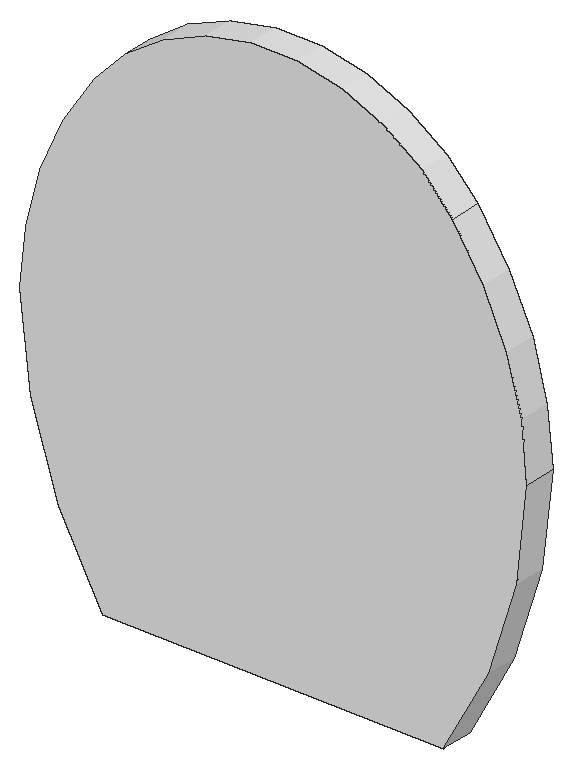
Revit family "Deca_Bacia Sanitária Convencional Izy_P.11GGGGG", category Plumbing Fixtures, host Face, Revit 2010
Parameters (values of type "AP.01_Branco Gelo GE17")
  Vendido Separadamente = ""
  Variações de COR = "Branco (AP.01.17), Caramelo (AP.01.23), Creme (AP.01.37), Azul (AP.01.51), Verde (AP.01.60), Cinza (AP.01.87), Ébano (AP.01.95), Rosa (AP.01.89)"
  URL = "www.deca.com.br/produtos"
  Segmento = "Competitivo"
  Produto = "Assento Universal Plástico com Microban"
  Peso Liquido (Kg) = 0.89
  Norma = "Não se Aplica"
  Criado por = "Contino/quattroD"  # constant formula
  Assento Não = no
  Model = "AP.01.17"
  Material = "Deca_Polipropileno"
  Manufacturer = "Deca"
  Louça/Metais = "Louça"
  Linha = "Izy, Targa, Ravena, Studio"
  Informações Complementares = ""
  Description = "Assento Universal Plástico com Microban"
  Código = "AP.01.17"
  Atendimento ao Cliente = "0800-0117073"
  Assento 3D = yes
  Assento = Deca GE17 Branco Gelo Plástico
  Assembly Code = "D2010100"
  Aprovado por = "Contino/quattroD"  # constant formula
  Acompanha o Produto = ""
  AP 165 = no
  AP 01 = yes
Types (10, lengths in mm): name | Variações de COR | URL | Segmento | Produto | Peso Liquido (Kg) | Norma | Assento Não | Model | Material | Manufacturer | Louça/Metais | Linha | Description | Código | Atendimento ao Cliente | Assento 3D | Assento | Assembly Code | AP 165 | AP 01
  Assento Não | "" | 0 | "" | "" | 0 | "" | yes | "" | "" | 0 | "" | "" | "" | "" | "" | no | none | "" | no | no
  AP.01_Creme CR37 | "Branco (AP.01.17), Caramelo (AP.01.23), Creme (AP.01.37), Azul (AP.01.51), Verde (AP.01.60), Cinza (AP.01.87), Ébano (AP.01.95), Rosa (AP.01.89)" | "www.deca.com.br/produtos" | "Competitivo" | "Assento Universal Plástico com Microban" | 0.89 | "Não se Aplica" | no | "AP.01.37" | "Deca_Polipropileno" | "Deca" | "Louça" | "Izy, Targa, Ravena, Studio" | "Assento Universal Plástico com Microban" | "AP.01.37" | "0800-0117073" | yes | Deca CR37 Creme Plástico | "D2010100" | no | yes
  AP.01_Branco Gelo GE17 | "Branco (AP.01.17), Caramelo (AP.01.23), Creme (AP.01.37), Azul (AP.01.51), Verde (AP.01.60), Cinza (AP.01.87), Ébano (AP.01.95), Rosa (AP.01.89)" | "www.deca.com.br/produtos" | "Competitivo" | "Assento Universal Plástico com Microban" | 0.89 | "Não se Aplica" | no | "AP.01.17" | "Deca_Polipropileno" | "Deca" | "Louça" | "Izy, Targa, Ravena, Studio" | "Assento Universal Plástico com Microban" | "AP.01.17" | "0800-0117073" | yes | Deca GE17 Branco Gelo Plástico | "D2010100" | no | yes
  AP.01_Cinza Real CZ87 | "Branco (AP.01.17), Caramelo (AP.01.23), Creme (AP.01.37), Azul (AP.01.51), Verde (AP.01.60), Cinza (AP.01.87), Ébano (AP.01.95), Rosa (AP.01.89)" | "www.deca.com.br/produtos" | "Competitivo" | "Assento Universal Plástico com Microban" | 0.89 | "Não se Aplica" | no | "AP.01.87" | "Deca_Polipropileno" | "Deca" | "Louça" | "Izy, Targa, Ravena, Studio" | "Assento Universal Plástico com Microban" | "AP.01.87" | "0800-0117073" | yes | Deca CZ87 Cinza Real Plástico | "D2010100" | no | yes
  AP.01_Caramelo CA23 | "Branco (AP.01.17), Caramelo (AP.01.23), Creme (AP.01.37), Azul (AP.01.51), Verde (AP.01.60), Cinza (AP.01.87), Ébano (AP.01.95), Rosa (AP.01.89)" | "www.deca.com.br/produtos" | "Competitivo" | "Assento Universal Plástico com Microban" | 0.89 | "Não se Aplica" | no | "AP.01.23" | "Deca_Polipropileno" | "Deca" | "Louça" | "Izy, Targa, Ravena, Studio" | "Assento Universal Plástico com Microban" | "AP.01.23" | "0800-0117073" | yes | Deca CA23 Caramelo Plástico | "D2010100" | no | yes
  AP.01_Verde Malva VD60 | "Branco (AP.01.17), Caramelo (AP.01.23), Creme (AP.01.37), Azul (AP.01.51), Verde (AP.01.60), Cinza (AP.01.87), Ébano (AP.01.95), Rosa (AP.01.89)" | "www.deca.com.br/produtos" | "Competitivo" | "Assento Universal Plástico com Microban" | 0.89 | "Não se Aplica" | no | "AP.01.60" | "Deca_Polipropileno" | "Deca" | "Louça" | "Izy, Targa, Ravena, Studio" | "Assento Universal Plástico com Microban" | "AP.01.60" | "0800-0117073" | yes | Deca VD60 Verde Malva Plástico | "D2010100" | no | yes
  AP.01_Azul AZ51 | "Branco (AP.01.17), Caramelo (AP.01.23), Creme (AP.01.37), Azul (AP.01.51), Verde (AP.01.60), Cinza (AP.01.87), Ébano (AP.01.95), Rosa (AP.01.89)" | "www.deca.com.br/produtos" | "Competitivo" | "Assento Universal Plástico com Microban" | 0.89 | "Não se Aplica" | no | "AP.01.51" | "Deca_Polipropileno" | "Deca" | "Louça" | "Izy, Targa, Ravena, Studio" | "Assento Universal Plástico com Microban" | "AP.01.51" | "0800-0117073" | yes | Deca AZ51 Azul Plástico | "D2010100" | no | yes
  AP.01_Ébano EB95 | "Branco (AP.01.17), Caramelo (AP.01.23), Creme (AP.01.37), Azul (AP.01.51), Verde (AP.01.60), Cinza (AP.01.87), Ébano (AP.01.95), Rosa (AP.01.89)" | "www.deca.com.br/produtos" | "Competitivo" | "Assento Universal Plástico com Microban" | 0.89 | "Não se Aplica" | no | "AP.01.95" | "Deca_Polipropileno" | "Deca" | "Louça" | "Izy, Targa, Ravena, Studio" | "Assento Universal Plástico com Microban" | "AP.01.95" | "0800-0117073" | yes | Deca EB95 Ébano Plástico | "D2010100" | no | yes
  AP.01_Rosa RO89 | "Branco (AP.01.17), Caramelo (AP.01.23), Creme (AP.01.37), Azul (AP.01.51), Verde (AP.01.60), Cinza (AP.01.87), Ébano (AP.01.95), Rosa (AP.01.89)" | "www.deca.com.br/produtos" | "Competitivo" | "Assento Universal Plástico com Microban" | 0.89 | "Não se Aplica" | no | "AP.01.89" | "Deca_Polipropileno" | "Deca" | "Louça" | "Izy, Targa, Ravena, Studio" | "Assento Universal Plástico com Microban" | "AP.01.89" | "0800-0117073" | yes | Deca RO89 Rosa Plástico | "D2010100" | no | yes
  AP.165_Branco Gelo GE17 | " Assento Plástico Slow Close: Branco (AP.165.17)." | "www.deca.com.br/produtos" | "Competitivo" | "Assento Universal Plástico Slow Close" | 1.8 | "Não se Aplica" | no | "AP.165.17" | "Deca_Polipropileno" | "Deca" | "Louça" | "Izy, Targa, Ravena, Studio" | "Assento Universal Plástico Slow Close" | "AP.165.17" | "0800-0117073" | yes | Deca GE17 Branco Gelo Plástico | "D2010100" | yes | no
Reference planes
  plane 1 "Center (Front/Back)": y = 0
  plane 2: z = 0
  plane 3 "Center (Left/Right)": x = 0
  plane 4: x = 1.172
Forms (mm)
  Extrusion 1, solid, material "Deca GE17 Branco Gelo Plástico" <- "Assento", visible <- "Assento 3D"
    sketch origin (0, 0, 0) x (1, 0, 0) y (0, 0, 1)
      loop
        arc (-129.624, 367.423) -> (-168.874, 294.703) -> (-183.344, 213.343) r 260.204
        arc (-183.344, 213.343) -> (-167.135, 113.734) -> (-123.435, 22.768) r 353.415
        line (-123.435, 22.768) -> (123.436, 22.768)
        arc (123.436, 22.768) -> (167.234, 114.034) -> (183.36, 213.972) r 353.393
        arc (183.36, 213.972) -> (168.798, 295) -> (129.652, 367.423) r 260.204
        arc (129.652, 367.423) -> (0.014, 431.361) -> (-129.624, 367.423) r 163.393
    from -5.841 to -28.806
Lines and regions (mm)
  Masking region 1, visible <- "AP 165"
    outline origin (-58.196, -74.545, 0) x (1, 0, 0) y (0, 1, 0)
      loop
        line (-123.515, 95.337) -> (-125.352, 83.047)
        arc (-125.352, 83.047) -> (-125.117, 81.232) -> (-123.494, 80.386) r 1.979
        line (-123.494, 80.386) -> (239.893, 80.386)
        arc (239.893, 80.386) -> (241.413, 81.083) -> (241.877, 82.688) r 2.006
        line (241.877, 82.688) -> (239.986, 95.337)
        arc (239.986, 95.337) -> (237.808, 99.132) -> (233.634, 100.443) r 6.008
        line (233.634, 100.443) -> (-117.163, 100.443)
        arc (-117.163, 100.443) -> (-121.337, 99.132) -> (-123.515, 95.337) r 6.008
      loop
        arc (-121.312, 105.272) -> (-120.987, 104.489) -> (-120.204, 104.164) r 1.107
        line (-120.204, 104.164) -> (-71.178, 103.322) -> (-2.769, 102.982)
        arc (-2.769, 102.982) -> (-0.226, 103.467) -> (1.718, 105.176) r 4.916
        arc (1.718, 105.176) -> (3.226, 106.523) -> (5.202, 106.951) r 3.961
        line (5.202, 106.951) -> (111.894, 106.951)
        arc (111.894, 106.951) -> (113.87, 106.523) -> (115.378, 105.176) r 3.961
        arc (115.378, 105.176) -> (117.173, 103.543) -> (119.531, 102.967) r 4.916
        line (119.531, 102.967) -> (188.273, 103.322) -> (237.3, 104.164)
        arc (237.3, 104.164) -> (238.083, 104.489) -> (238.407, 105.272) r 1.107
        line (238.407, 105.272) -> (237.374, 116.988)
        arc (237.374, 116.988) -> (236.647, 119.288) -> (235.018, 121.068) r 5.583
        arc (235.018, 121.068) -> (223.257, 126.622) -> (211.164, 131.41) r 202.226
        arc (211.164, 131.41) -> (209.211, 131.965) -> (207.201, 132.252) r 15.017
        arc (207.201, 132.252) -> (194.652, 133.513) -> (182.059, 134.19) r 271.11
        arc (182.059, 134.19) -> (120.318, 136.285) -> (58.548, 137.149) r 3097.383
        arc (58.548, 137.149) -> (-3.223, 136.285) -> (-64.963, 134.19) r 3097.383
        arc (-64.963, 134.19) -> (-77.557, 133.513) -> (-90.105, 132.252) r 271.11
        arc (-90.105, 132.252) -> (-92.115, 131.965) -> (-94.068, 131.41) r 15.017
        arc (-94.068, 131.41) -> (-106.162, 126.622) -> (-117.922, 121.068) r 202.226
        arc (-117.922, 121.068) -> (-119.552, 119.288) -> (-120.278, 116.988) r 5.583
        line (-120.278, 116.988) -> (-121.312, 105.272)
  Masking region 2, visible <- "AP 165"
    outline origin (0, -113.984, 13.75) x (0, 1, 0) y (0, 0, 1)
      loop
        arc (147.746, 414.49) -> (146.985, 414.227) -> (146.663, 413.489) r 1
        line (146.663, 413.489) -> (146.704, 404.258)
        arc (146.704, 404.258) -> (145.951, 403.956) -> (145.157, 403.785) r 4.866
        arc (145.157, 403.785) -> (144.458, 403.608) -> (143.798, 403.317) r 4.284
        arc (143.798, 403.317) -> (143.046, 402.62) -> (142.716, 401.649) r 2.093
        line (142.716, 401.649) -> (144.226, 44.869)
        arc (144.226, 44.869) -> (142.587, 40.93) -> (139.148, 38.404) r 7.956
        arc (139.148, 38.404) -> (136.809, 37.502) -> (134.366, 36.942) r 17.569
        arc (134.366, 36.942) -> (138.098, 38.961) -> (139.715, 42.883) r 6.327
        line (139.715, 42.883) -> (139.715, 410.116)
        arc (139.715, 410.116) -> (138.563, 414.134) -> (135.065, 416.425) r 6
        line (135.065, 416.425) -> (122.46, 418.346)
        arc (122.46, 418.346) -> (120.857, 417.887) -> (120.159, 416.372) r 2
        line (120.159, 416.372) -> (119.542, 38.945)
        arc (119.542, 38.945) -> (120.12, 37.551) -> (121.507, 36.957) r 2
        line (121.507, 36.957) -> (113.984, 37.09) -> (113.984, -34.616) -> (124.426, -34.086) -> (124.491, 5.805) -> (141.252, 6.656)
        arc (141.252, 6.656) -> (145.254, 7.433) -> (148.882, 9.294) r 14.5
        arc (148.882, 9.294) -> (153.855, 10.205) -> (158.296, 12.624) r 16
        line (158.296, 12.624) -> (174.856, 15.864)
        arc (174.856, 15.864) -> (175.816, 52.458) -> (176.33, 89.061) r 3000
        arc (176.33, 89.061) -> (175.764, 175.802) -> (172.69, 262.49) r 3000
        arc (172.69, 262.49) -> (168.49, 330.9) -> (162.728, 399.197) r 3000.612
        line (162.728, 399.197) -> (155.952, 411.561)
        arc (155.952, 411.561) -> (154.292, 413.349) -> (151.983, 414.139) r 5
        line (151.983, 414.139) -> (147.746, 414.49)
  Masking region 3, visible <- "AP 165"
    outline origin (402.787, 0, -24.75) x (1, 0, 0) y (0, 0, 1)
      loop
        line (-500.301, 48.085) -> (-500.301, 51.961) -> (-501.268, 51.738) -> (-501.268, 47.518) -> (-522.259, 47.518)
        arc (-522.259, 47.518) -> (-533.223, 62.636) -> (-541.424, 79.413) r 108.237
        arc (-541.424, 79.413) -> (-546.613, 83.961) -> (-550.484, 89.673) r 27.068
        arc (-550.484, 89.673) -> (-576.416, 161.936) -> (-586.13, 238.093) r 353.415
        arc (-586.13, 238.093) -> (-571.661, 319.453) -> (-532.411, 392.173) r 260.204
        arc (-532.411, 392.173) -> (-402.773, 456.111) -> (-273.135, 392.173) r 163.393
        arc (-273.135, 392.173) -> (-233.988, 319.75) -> (-219.426, 238.722) r 260.204
        arc (-219.426, 238.722) -> (-229.031, 162.445) -> (-254.903, 90.049) r 353.393
        arc (-254.903, 90.049) -> (-258.822, 84.119) -> (-264.149, 79.413) r 27.068
        arc (-264.149, 79.413) -> (-272.351, 62.636) -> (-283.314, 47.518) r 108.237
        line (-283.314, 47.518) -> (-304.305, 47.518) -> (-304.305, 51.738) -> (-305.273, 51.961) -> (-305.273, 48.085)
      loop
        arc (-305.301, 48.236) -> (-305.886, 46.822) -> (-307.301, 46.236) r 2
        line (-307.301, 46.236) -> (-309.501, 46.236) -> (-309.501, 13.118)
        arc (-309.501, 13.118) -> (-312.212, 6.276) -> (-318.874, 3.148) r 9.99
        line (-318.874, 3.148) -> (-341.662, 3.148)
        arc (-341.662, 3.148) -> (-348.324, 6.276) -> (-351.035, 13.118) r 9.99
        line (-351.035, 13.118) -> (-351.035, 35.037)
        arc (-351.035, 35.037) -> (-353.374, 40.684) -> (-359.022, 43.023) r 7.987
        line (-359.022, 43.023) -> (-446.551, 43.023)
        arc (-446.551, 43.023) -> (-452.199, 40.684) -> (-454.538, 35.037) r 7.987
        line (-454.538, 35.037) -> (-454.538, 13.118)
        arc (-454.538, 13.118) -> (-457.249, 6.276) -> (-463.911, 3.148) r 9.99
        line (-463.911, 3.148) -> (-486.7, 3.148)
        arc (-486.7, 3.148) -> (-493.362, 6.276) -> (-496.073, 13.118) r 9.99
        line (-496.073, 13.118) -> (-496.073, 46.236) -> (-498.273, 46.236)
        arc (-498.273, 46.236) -> (-499.687, 46.822) -> (-500.273, 48.236) r 2
  Masking region 4, visible <- "AP 01"
    outline origin (-465.04, 0, 571.937) x (1, 0, 0) y (0, 0, -1)
      loop
        line (355.453, 590.445) -> (300.001, 467.44)
        arc (300.001, 467.44) -> (277.576, 395.776) -> (279.552, 320.711) r 228.878
        arc (279.552, 320.711) -> (308.53, 243.134) -> (361.262, 179.28) r 250
        arc (361.262, 179.28) -> (465.001, 140.579) -> (568.74, 179.28) r 158.391
        arc (568.74, 179.28) -> (621.471, 243.134) -> (650.45, 320.711) r 250
        arc (650.45, 320.711) -> (653.572, 342.348) -> (654.616, 364.184) r 228.878
        arc (654.616, 364.184) -> (648.377, 417.259) -> (630.001, 467.44) r 228.878
        line (630.001, 467.44) -> (574.548, 590.445) -> (355.453, 590.445)
  Masking region 5, visible <- "AP 01"
    outline origin (0, 178.013, -343.488) x (0, 1, 0) y (0, 0, 1)
      loop
        line (-147.172, 324.059) -> (-147.172, 753.979)
        arc (-147.172, 753.979) -> (-153.03, 768.121) -> (-167.172, 773.979) r 20
        line (-167.172, 773.979) -> (-172.172, 773.979) -> (-172.172, 324.059) -> (-147.172, 324.059)
  Masking region 6, visible <- "AP 01"
    outline origin (-215.314, -101.364, 0) x (1, 0, 0) y (0, 1, 0)
      loop
        arc (46.004, 132.25) -> (31.862, 126.392) -> (26.004, 112.25) r 20
        line (26.004, 112.25) -> (26.004, 107.205) -> (404.799, 107.205)
        arc (404.799, 107.205) -> (401.072, 124.506) -> (385.158, 132.25) r 20.224
        line (385.158, 132.25) -> (46.004, 132.25)
  symbolic lines, built-in parameter 1006206 <- "AP 165", visible <- "AP 165"
    curve 1: arc (0, 34.897, 23.044) -> (0, 15.066, 30.611) -> (0, 21.296, 50.901) r 15.535
    curve 2: line (0, 10.536, 19.555) -> (0, 10.536, 49.574)
    curve 3: arc (0, 10.536, 49.574) -> (0, 10.246, 50.332) -> (0, 9.525, 50.705) r 1.138
    curve 4: line (0, 20.382, 50.692) -> (0, 7.522, 50.707)
    curve 5: line (0, 13.519, 36.494) -> (0, 13.519, 50.7)
    curve 22: arc (-138.637, 0, 54.663) -> (-167.913, 0, 128.898) -> (-179.677, 0, 207.825) r 351.236
    curve 23: arc (-179.677, 0, 207.825) -> (-170.734, 0, 280.419) -> (-139.85, 0, 346.72) r 234.366
    curve 24: arc (-139.85, 0, 346.72) -> (-107.736, 0, 386.158) -> (-65.158, 0, 413.973) r 165.38
    curve 25: arc (-65.158, 0, 413.973) -> (0.014, 0, 428.01) -> (65.185, 0, 413.973) r 158.309
    curve 26: arc (64.867, 0, 414.116) -> (107.636, 0, 386.277) -> (139.877, 0, 346.72) r 165.332
    curve 27: arc (179.704, 0, 207.825) -> (170.762, 0, 280.419) -> (139.877, 0, 346.72) r 234.366
    curve 28: arc (179.704, 0, 207.825) -> (167.941, 0, 128.898) -> (138.665, 0, 54.663) r 351.236
  symbolic lines, visible <- "AP 165", built-in parameter 1006206 <- "AP 165"
    curve 6: line (-97.514, 0, 27.211) -> (-95.881, 0, 27.354)
    curve 7: line (-95.881, 0, 27.354) -> (95.817, 0, 27.354)
    curve 8: line (95.817, 0, 27.354) -> (97.514, 0, 27.211)
    curve 9: line (85.514, 0, 27.354) -> (85.514, 0, 23.496)
    curve 10: line (85.514, 0, 23.496) -> (85.514, 0, 22.625)
    curve 11: arc (86.514, 0, 21.486) -> (85.807, 0, 21.779) -> (85.514, 0, 22.486) r 1
    curve 12: line (93.286, 0, 21.486) -> (86.514, 0, 21.486)
    curve 13: line (91.813, 0, 17.864) -> (91.815, 0, 21.486)
    curve 14: line (92.813, 0, 21.486) -> (92.813, 0, 17.864)
    curve 15: line (92.813, 0, 17.864) -> (91.813, 0, 17.864)
    curve 16: line (-86.486, 0, 21.486) -> (-95.486, 0, 21.486)
    curve 17: line (-92.785, 0, 17.864) -> (-92.785, 0, 21.486)
    curve 18: line (-91.787, 0, 21.486) -> (-91.785, 0, 17.864)
    curve 19: line (-91.785, 0, 17.864) -> (-92.785, 0, 17.864)
    curve 20: arc (-85.486, 0, 22.486) -> (-85.779, 0, 21.779) -> (-86.486, 0, 21.486) r 1
    curve 21: line (-85.486, 0, 27.354) -> (-85.486, 0, 22.486)
  symbolic lines, visible <- "Assento Não"
    curve 29: arc (0, 0, 40.625) -> (79.369, 0, 65.891) -> (129.614, 0, 132.323) r 137.579
    curve 30: arc (140.304, 0, 174.612) -> (140.665, 0, 229.963) -> (126.567, 0, 283.491) r 210.249
    curve 31: arc (126.567, 0, 283.491) -> (100.73, 0, 328.961) -> (64.284, 0, 366.468) r 206.174
    curve 32: arc (64.284, 0, 366.468) -> (34.047, 0, 383.066) -> (0, 0, 388.592) r 101.614
    curve 33: arc (0, 0, 379.521) -> (35.966, 0, 371.765) -> (66.53, 0, 351.281) r 97.914
    curve 34: arc (66.53, 0, 351.281) -> (93.912, 0, 319.289) -> (113.317, 0, 281.917) r 184.306
    curve 35: arc (113.317, 0, 281.917) -> (124.298, 0, 236.847) -> (123.748, 0, 190.462) r 185.397
    curve 36: arc (0, 0, 66.314) -> (36.053, 0, 72.096) -> (68.62, 0, 88.61) r 118.155
    curve 37: arc (68.62, 0, 88.61) -> (96.343, 0, 116.226) -> (114.04, 0, 151.126) r 123.558
    curve 38: arc (123.748, 0, 190.462) -> (119.924, 0, 170.54) -> (114.04, 0, 151.126) r 193.948
    curve 39: arc (129.614, 0, 132.323) -> (136.113, 0, 153.176) -> (140.304, 0, 174.612) r 200.361
    curve 40: arc (0, 0, 40.625) -> (-79.369, 0, 65.891) -> (-129.614, 0, 132.323) r 137.579
    curve 41: arc (-140.304, 0, 174.612) -> (-140.665, 0, 229.963) -> (-126.567, 0, 283.491) r 210.249
    curve 42: arc (-126.567, 0, 283.491) -> (-100.73, 0, 328.961) -> (-64.284, 0, 366.468) r 206.174
    curve 43: arc (-64.284, 0, 366.468) -> (-34.047, 0, 383.066) -> (0, 0, 388.592) r 101.614
    curve 44: arc (0, 0, 379.521) -> (-35.966, 0, 371.765) -> (-66.53, 0, 351.281) r 97.914
    curve 45: arc (-66.53, 0, 351.281) -> (-93.912, 0, 319.289) -> (-113.317, 0, 281.917) r 184.306
    curve 46: arc (-113.317, 0, 281.917) -> (-124.298, 0, 236.847) -> (-123.748, 0, 190.462) r 185.397
    curve 47: arc (0, 0, 66.314) -> (-36.053, 0, 72.096) -> (-68.62, 0, 88.61) r 118.155
    curve 48: arc (-68.62, 0, 88.61) -> (-96.343, 0, 116.226) -> (-114.04, 0, 151.126) r 123.558
    curve 49: arc (-123.748, 0, 190.462) -> (-119.924, 0, 170.54) -> (-114.04, 0, 151.126) r 193.948
    curve 50: arc (-129.614, 0, 132.323) -> (-136.113, 0, 153.176) -> (-140.304, 0, 174.612) r 200.361
    curve 51: arc (-40.907, 0, 251.728) -> (0.251, 0, 276.384) -> (41.133, 0, 251.272) r 46.252
    curve 52: arc (-31.32, 0, 179.66) -> (0.008, 0, 176.32) -> (31.336, 0, 179.666) r 148.486
    curve 53: arc (31.336, 0, 179.666) -> (43.397, 0, 188.597) -> (49.145, 0, 202.46) r 28.112
    curve 54: arc (49.145, 0, 202.46) -> (49.825, 0, 209.96) -> (49.145, 0, 217.46) r 41.666
    curve 55: line (49.145, 0, 217.46) -> (47.033, 0, 234.654)
    curve 56: arc (41.44, 0, 250.674) -> (45.135, 0, 242.798) -> (47.075, 0, 234.317) r 40.778
    curve 57: arc (-31.32, 0, 179.66) -> (-43.392, 0, 188.59) -> (-49.145, 0, 202.46) r 28.112
    curve 58: arc (-49.145, 0, 202.46) -> (-49.825, 0, 209.96) -> (-49.145, 0, 217.46) r 41.666
    curve 59: line (-49.145, 0, 217.46) -> (-47.033, 0, 234.654)
    curve 60: arc (-41.44, 0, 250.674) -> (-45.135, 0, 242.798) -> (-47.075, 0, 234.317) r 40.778
    curve 61: circle (72.987, 0, 0) r 7.5 normal (0, -1, 0)
    curve 62: circle (-72.987, 0, 0) r 7.5 normal (0, 1, 0)
Types in the file's own list only (4): name | WFU | Vendido Separadamente | Variações de COR | Raio Água Fria | Raio Ponto de Esgoto | Produto | Pressão | Peso Liquido (Kg) | Norma | Model | Material | Linha | Flow Pressure | Diâmetro Água Fria | Diâmetro Ponto de Esgoto | Description | Default Elevation | Código | Consumo | CWFU | Bacia | Atendimento ao Cliente | Assembly Code
  P.11_Branco Gelo GE17 | 0 | "Anel de vedação: (AV.90.01 ); Tubo de ligação com anel expansor: Cromado (1968.C), Branco (1968.E.BR), Dourado (1968.D).    Parafuso de fixação: Cromado (SP.13.01) e Dourado (SP.130.03) .  Assentos Compatíveis:  Assento" | "Branco (P.11.17); Caramelo (P.11.23); Creme (P.11.37); Cinza (P.11.87)." | 20 mm | 50 mm | "Bacia sanitária convencional Izy" | "2 a 40 mca" | 12.05 | " ABNT NBR 15097-1: 2011 / ABNT NBR 15097-2: 2011" | "P.11.17" | "Deca_Vitreous China" | "Izy" | 0.00 psi | 40 mm | 100 mm | "Bacia sanitária convencional" | 0 mm | "P.11.17" | "6 lpf" | 0 | Deca GE17 Branco Gelo Cerâmica | "0800-011-7073" | "D2010110"
  P.11_Caramelo CA23 | 0 | "Anel de vedação: (AV.90.01 ); Tubo de ligação com anel expansor: Cromado (1968.C), Branco (1968.E.BR), Dourado (1968.D).    Parafuso de fixação: Cromado (SP.13.01) e Dourado (SP.130.03) .  Assentos Compatíveis:  Assento" | "Branco (P.11.17); Caramelo (P.11.23); Creme (P.11.37); Cinza (P.11.87)." | 20 mm | 50 mm | "Bacia sanitária convencional Izy" | "2 a 40 mca" | 12.05 | " ABNT NBR 15097-1: 2011 / ABNT NBR 15097-2: 2011" | "P.11.23" | "Deca_Vitreous China" | "Izy" | 0.00 psi | 40 mm | 100 mm | "Bacia sanitária convencional" | 0 mm | "P.11.23" | "6 lpf" | 0 | Deca CA23 Caramelo Cerâmica | "0800-011-7073" | "D2010110"
  P.11_Creme CR37 | 0 | "Anel de vedação: (AV.90.01 ); Tubo de ligação com anel expansor: Cromado (1968.C), Branco (1968.E.BR), Dourado (1968.D).    Parafuso de fixação: Cromado (SP.13.01) e Dourado (SP.130.03) .  Assentos Compatíveis:  Assento" | "Branco (P.11.17); Caramelo (P.11.23); Creme (P.11.37); Cinza (P.11.87)." | 20 mm | 50 mm | "Bacia sanitária convencional Izy" | "2 a 40 mca" | 12.05 | " ABNT NBR 15097-1: 2011 / ABNT NBR 15097-2: 2011" | "P.11.37" | "Deca_Vitreous China" | "Izy" | 0.00 psi | 40 mm | 100 mm | "Bacia sanitária convencional" | 0 mm | "P.11.37" | "6 lpf" | 0 | Deca CR37 Creme Cerâmica | "0800-011-7073" | "D2010110"
  P.11_Cinza Real CZ87 | 0 | "Anel de vedação: (AV.90.01 ); Tubo de ligação com anel expansor: Cromado (1968.C), Branco (1968.E.BR), Dourado (1968.D).    Parafuso de fixação: Cromado (SP.13.01) e Dourado (SP.130.03) .  Assentos Compatíveis:  Assento" | "Branco (P.11.17); Caramelo (P.11.23); Creme (P.11.37); Cinza (P.11.87)." | 20 mm | 50 mm | "Bacia sanitária convencional Izy" | "2 a 40 mca" | 12.05 | " ABNT NBR 15097-1: 2011 / ABNT NBR 15097-2: 2011" | "P.11.87" | "Deca_Vitreous China" | "Izy" | 0.00 psi | 40 mm | 100 mm | "Bacia sanitária convencional" | 0 mm | "P.11.87" | "6 lpf" | 0 | Deca CZ87 Cinza Real Cerâmica | "0800-011-7073" | "D2010110"
